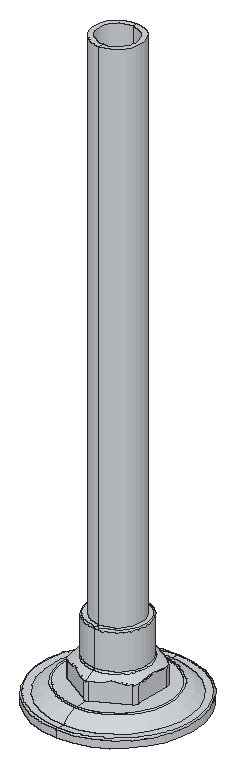
Revit family "Shower-Cealing_mount_Showerarm-KOHLER-K-16347X", category Plumbing Fixtures, host Face, Revit 2017
Family settings
  Host = Face
  Round Connector Dimension = Use Diameter
  Part Type = Normal
  OmniClass Number = 23.31.25.00
  OmniClass Title = Toilet and Bath Specialties
  Cut with Voids When Loaded = No
  Shared = No
  Room Calculation Point = No
Parameters (values of type "CP-Polished Chrome")
  Width = 2.55906"  # constant formula
  WaterSense Certified = 1 = 0  # no
  Waste Water Outlet = "Waste Water Outlet"  # constant formula
  Waste Connection = 1 = 0  # no
  Vent Connection = 1 = 0  # no
  URL = "https://www.kohler.co.th/"
  Type = 1
  Tempered Water Inlet = "Tempered Water Inlet"  # constant formula
  Product Page URL = "https://www.kohler.co.th/en/productDetails/16347X?skuid=16347X-CP"
  Product Name = "Mastershower"  # constant formula
  Product Documentation Link = "http://resources.kohler.com/plumbing/kohlerapac/pdf/1069822-X2-B.pdf"
  Pressure = 0.00 psi
  Model = "K-16347X-CP "  # constant formula
  Material = "Premium Metal Construction"  # constant formula
  Master Format 2014 Name = "Bath Accessories"  # constant formula
  Master Format 2014 = "10 28 16"  # constant formula
  Manufacturer Address = "16th Floor, Jasmine City Building 2, Soi Sukhumvit 23, Sukhumvit Road, Khlong Toei Nuea, Watthana, Bangkok 10110"  # constant formula
  Manufacturer = "KOHLER Co."  # constant formula
  Length = 2.55906"  # constant formula
  Hot Water Inlet = "Hot Water Inlet"  # constant formula
  Height = 10"  # constant formula
  HW Connection = 1 = 1  # yes
  Flow Rate = 0 GPM
  Finish = Kohler-Metal-CP-Polished_Chrome
  Environmental Product Declaration = ""
  Drain Included = 1 = 0  # no
  Description = "Ceiling Mount Shower Arm"  # constant formula
  Default Elevation = 0"
  Declare Label = ""
  Date Modified = "07/29/2020"  # constant formula
  Date Created = "07/29/2020"  # constant formula
  Copyright = "Copyright KOHLER Co."  # constant formula
  Contact Us = "https://www.kohler.co.th/contact-us"
  Cold Water Inlet = "Cold Water Inlet"  # constant formula
  CW Connection = 1 = 0  # no
  Assembly Code = "D2010700"
  ADA Compliant = 1 = 0  # no
Reference planes (in)
  plane 1 "Center (Front/Back)": y = 0
  plane 2: z = 0
  plane 3 "Center (Left/Right)": x = 0
  plane 4: y = 1.27953
  plane 5: x = 0.39373
  plane 6: x = -0.39373
  plane 7: x = -1.27953
  plane 8: y = -0.39373
  plane 9: y = 0.39373
  plane 10: x = 1.27953
  plane 11: y = -1.27953
  plane 12: z = 10
  plane 13: z = 0.29528
  plane 14: z = 1.3189
Dimensions and locks (in)
  plane 9 to plane 8 = 0.78746"
  "Width": plane 7 to plane 10
  "Height": plane 12 to plane 2
  "Length": plane 4 to plane 11
  aligned and locked: plane 2 to host face
  aligned and locked: level to host face
Automatic sketch dimensions
  host sketch curve to host sketch curve = 96"  (x2)
Nested families (in)
  nested 1: "K-16347X" at (0, 0, 0), type "K-16347X"
Connectors (in)
  piping at (0, 0, 0), diameter 0.5, driven by "HW Connection", driven by "HW Connection", driven by "Tempered Water Inlet"
    settings: on nested 1, index 1, connector inside diameter 24", connector length 0", flow factor 0, pipe flow 0 GPM, pressure drop 0.00 psi, fitting loss kfactor 0, connector angle 0.00°, fixture units 0, engagement length 0", angle of deflection 0.00°, flow configuration 0, flow direction 1, fitting loss method 0, system type 19, joint type 0, gender type 0, connector reference index -1, connector utility 1, adjustable connector yes, is connector primary yes, connector description "Tempered Water Inlet"
Definition of nested family "K-16347X"
  Parameters (values of type "K-16347X")
    Material = none
  Reference planes (in)
    plane 1 "Center (Front/Back)": y = 0
    plane 2: z = 0
    plane 3 "Center (Left/Right)": x = 0
    plane 4: z = 10
    plane 5: y = 0.39373
    plane 6: y = -0.39373
    plane 7: x = 0.39373
    plane 8: x = -0.39373
    plane 9: x = -1.27953
    plane 10: x = 1.27953
    plane 11: y = 1.27953
    plane 12: y = -1.27953
  Forms (in)
    Revolve 1, solid, material <- "Material", detail levels medium+fine
      sketch origin (0, 0, 0) x (0, 1, 0) y (0, 0, 1)
        loop
          line (0, 0.29528) -> (0, 0) -> (1.27953, 0) -> (1.27953, 0.11598)
          arc (1.27953, 0.11598) -> (1.27314, 0.1314) -> (1.25771, 0.1378) r 0.02182
          line (1.25771, 0.1378) -> (1.14166, 0.1378)
          arc (1.14166, 0.1378) -> (1.02834, 0.22439) -> (0.90131, 0.28923) r 0.79103
          arc (0.90131, 0.28923) -> (0.88595, 0.29375) -> (0.87001, 0.29528) r 0.08405
          line (0.87001, 0.29528) -> (0, 0.29528)
        axis (0, 0) -> (0, 0.29528)
      angle from 0 to 360
    Extrusion 2, void
      sketch origin (0, 0, 0) x (1, 0, 0) y (0, 1, 0)
        loop
          circle (0, 0) r 0.75964
        loop
          line (-0.04896, 0.65541) -> (-0.54672, 0.36803)
          arc (-0.54672, 0.36803) -> (-0.57993, 0.33482) -> (-0.59209, 0.28946) r 0.09074
          line (-0.59209, 0.28946) -> (-0.59209, -0.28956)
          arc (-0.59209, -0.28956) -> (-0.57996, -0.33484) -> (-0.54681, -0.36798) r 0.09055
          line (-0.54681, -0.36798) -> (-0.04528, -0.65754)
          arc (-0.04528, -0.65754) -> (0, -0.66968) -> (0.04528, -0.65754) r 0.09055
          line (0.04528, -0.65754) -> (0.54681, -0.36798)
          arc (0.54681, -0.36798) -> (0.57996, -0.33484) -> (0.59209, -0.28956) r 0.09055
          line (0.59209, -0.28956) -> (0.59209, 0.28956)
          arc (0.59209, 0.28956) -> (0.57996, 0.33484) -> (0.54681, 0.36798) r 0.09055
          line (0.54681, 0.36798) -> (0.04896, 0.65541)
          arc (0.04896, 0.65541) -> (0, 0.66853) -> (-0.04896, 0.65541) r 0.09793
      from 0.24007 to 1.3189
    Revolve 3, solid, material <- "Material", detail levels medium+fine
      sketch origin (0, 0, 0) x (0, 1, 0) y (0, 0, 1)
        loop
          line (0.69297, 0.24001) -> (0.69297, 0.56413) -> (0.50769, 0.67991)
          arc (0.50769, 0.67991) -> (0.49627, 0.69194) -> (0.49211, 0.70801) r 0.03314
          line (0.49211, 0.70801) -> (0.49211, 1.29866)
          arc (0.49211, 1.29866) -> (0.48618, 1.31297) -> (0.47187, 1.3189) r 0.02024
          line (0.47187, 1.3189) -> (0.39373, 1.3189) -> (0.39373, 10) -> (0.31496, 10) -> (0.31496, 1.3189) -> (0, 1.3189) -> (0, 0.24001) -> (0.69297, 0.24001)
        axis (0, 0.24001) -> (0, 10)
      angle from 0 to 360
    Revolve 4, solid, material <- "Material", detail levels coarse
      sketch origin (0, 0, 0) x (0, 1, 0) y (0, 0, 1)
        loop
          line (0, 1.3189) -> (0, 0) -> (1.27953, 0) -> (1.27953, 0.1378) -> (1.1432, 0.1378) -> (0.86662, 0.29528) -> (0.66853, 0.29528) -> (0.66853, 0.67948) -> (0.49212, 0.67948) -> (0.49212, 1.3189) -> (0.39373, 1.3189) -> (0.39373, 10) -> (0.31496, 10) -> (0.31496, 1.3189) -> (0, 1.3189)
        axis (0, 10) -> (0, 0)
      angle from 0 to 360
    Extrusion 5, solid, detail levels medium+fine
      sketch origin (0, 0, 0) x (1, 0, 0) y (0, 1, 0)
        loop
          circle (0, 0) r 0.06127
      from 0 to 0.1378
  Cuts and joins
    Extrusion 2 cuts Revolve 3
    joined: Revolve 1, Revolve 3
  Lines and regions (in)
    Masking region 1
      outline origin (0, 0, 0) x (0, 1, 0) y (0, 0, 1)
        loop
          line (1.27953, 0) -> (1.27953, 0.11607)
          arc (1.27953, 0.11607) -> (1.27316, 0.13143) -> (1.2578, 0.1378) r 0.02172
          line (1.2578, 0.1378) -> (1.1432, 0.1378)
          arc (1.1432, 0.1378) -> (1.02989, 0.22468) -> (0.90223, 0.28862) r 0.75352
          arc (0.90223, 0.28862) -> (0.88473, 0.2936) -> (0.86662, 0.29528) r 0.0986
          line (0.86662, 0.29528) -> (0.66853, 0.29528) -> (0.66853, 0.57941) -> (0.5084, 0.67948)
          arc (0.5084, 0.67948) -> (0.49646, 0.69206) -> (0.49212, 0.70885) r 0.03463
          line (0.49212, 0.70885) -> (0.49212, 1.29748)
          arc (0.49212, 1.29748) -> (0.48584, 1.31262) -> (0.4707, 1.3189) r 0.02142
          line (0.4707, 1.3189) -> (0.39373, 1.3189) -> (0.39373, 10) -> (-0.39373, 10) -> (-0.39373, 1.3189) -> (-0.4707, 1.3189)
          arc (-0.4707, 1.3189) -> (-0.48584, 1.31262) -> (-0.49212, 1.29748) r 0.02142
          line (-0.49212, 1.29748) -> (-0.49212, 0.70885)
          arc (-0.49212, 0.70885) -> (-0.49646, 0.69206) -> (-0.5084, 0.67948) r 0.03463
          line (-0.5084, 0.67948) -> (-0.66853, 0.57941) -> (-0.66853, 0.29528) -> (-0.86662, 0.29528)
          arc (-0.86662, 0.29528) -> (-0.88473, 0.2936) -> (-0.90223, 0.28862) r 0.0986
          arc (-0.90223, 0.28862) -> (-1.02989, 0.22468) -> (-1.1432, 0.1378) r 0.75352
          line (-1.1432, 0.1378) -> (-1.2578, 0.1378)
          arc (-1.2578, 0.1378) -> (-1.27316, 0.13143) -> (-1.27953, 0.11607) r 0.02172
          line (-1.27953, 0.11607) -> (-1.27953, 0) -> (1.27953, 0)
    Masking region 2
      outline origin (0, 0, 0) x (1, 0, 0) y (0, 0, 1)
        loop
          line (-1.27953, 0) -> (1.27953, 0) -> (1.27953, 0.11791)
          arc (1.27953, 0.11791) -> (1.2737, 0.13197) -> (1.25964, 0.1378) r 0.01988
          line (1.25964, 0.1378) -> (1.14359, 0.1378)
          arc (1.14359, 0.1378) -> (1.02994, 0.2247) -> (0.90189, 0.28852) r 0.75217
          arc (0.90189, 0.28852) -> (0.88401, 0.29357) -> (0.86551, 0.29528) r 0.10138
          line (0.86551, 0.29528) -> (0.59209, 0.29528) -> (0.59209, 0.62717) -> (0.50867, 0.67929)
          arc (0.50867, 0.67929) -> (0.49653, 0.69209) -> (0.49212, 0.70916) r 0.03522
          line (0.49212, 0.70916) -> (0.49212, 1.29794)
          arc (0.49212, 1.29794) -> (0.48598, 1.31276) -> (0.47116, 1.3189) r 0.02096
          line (0.47116, 1.3189) -> (0.3937, 1.3189) -> (0.3937, 10) -> (-0.3937, 10) -> (-0.3937, 1.3189) -> (-0.47116, 1.3189)
          arc (-0.47116, 1.3189) -> (-0.48598, 1.31276) -> (-0.49212, 1.29794) r 0.02096
          line (-0.49212, 1.29794) -> (-0.49212, 0.70916)
          arc (-0.49212, 0.70916) -> (-0.49653, 0.69209) -> (-0.50867, 0.67929) r 0.03522
          line (-0.50867, 0.67929) -> (-0.59209, 0.62717) -> (-0.59209, 0.29528) -> (-0.86551, 0.29528)
          arc (-0.86551, 0.29528) -> (-0.88401, 0.29357) -> (-0.90189, 0.28852) r 0.10138
          arc (-0.90189, 0.28852) -> (-1.02994, 0.2247) -> (-1.14359, 0.1378) r 0.75217
          line (-1.14359, 0.1378) -> (-1.25964, 0.1378)
          arc (-1.25964, 0.1378) -> (-1.2737, 0.13197) -> (-1.27953, 0.11791) r 0.01988
          line (-1.27953, 0.11791) -> (-1.27953, 0)
    Masking region 3
      outline origin (0, 0, 0) x (1, 0, 0) y (0, 1, 0)
        loop
          circle (0, 0) r 1.27953
    symbolic lines, detail levels medium+fine
      curve 1: line (0, 1.1432, 0.1378) -> (0, -1.14166, 0.1378)
      curve 2: line (0, 0.66853, 0.29528) -> (0, -0.66853, 0.29528)
      curve 3: arc (0, -0.28572, 0.58642) -> (0, 0.0019, 0.62717) -> (0, 0.28937, 0.58535) r 1.02207
      curve 4: spline (0, 0.36841, 0.58554) -> (0, 0.39293, 0.59868) -> (0, 0.41775, 0.60936) -> (0, 0.4428, 0.61756) -> (0, 0.46802, 0.62325) -> (0, 0.49336, 0.62644) -> (0, 0.51874, 0.6271) -> (0, 0.54411, 0.62523) -> (0, 0.5694, 0.62085) -> (0, 0.59455, 0.61396) -> (0, 0.61949, 0.60458) -> (0, 0.64418, 0.59272) -> (0, 0.66853, 0.57843)
      curve 5: spline (0, -0.66853, 0.57853) -> (0, -0.64417, 0.5928) -> (0, -0.61948, 0.60464) -> (0, -0.59453, 0.614) -> (0, -0.56937, 0.62088) -> (0, -0.54408, 0.62525) -> (0, -0.51871, 0.6271) -> (0, -0.49332, 0.62643) -> (0, -0.46798, 0.62324) -> (0, -0.44275, 0.61753) -> (0, -0.4177, 0.60933) -> (0, -0.39288, 0.59865) -> (0, -0.36835, 0.58551)
      curve 6: spline (0, 0.28937, 0.58535) -> (0, 0.2972, 0.58332) -> (0, 0.30504, 0.58163) -> (0, 0.31283, 0.5803) -> (0, 0.32049, 0.57935) -> (0, 0.32793, 0.57878) -> (0, 0.33509, 0.5786) -> (0, 0.3419, 0.57882) -> (0, 0.34828, 0.57942) -> (0, 0.35418, 0.5804) -> (0, 0.35953, 0.58176) -> (0, 0.36429, 0.58348) -> (0, 0.36841, 0.58554)
      curve 7: spline (0, -0.36835, 0.58551) -> (0, -0.36406, 0.58338) -> (0, -0.35908, 0.58162) -> (0, -0.35346, 0.58025) -> (0, -0.34727, 0.57928) -> (0, -0.34055, 0.57873) -> (0, -0.3334, 0.5786) -> (0, -0.32588, 0.57889) -> (0, -0.31808, 0.5796) -> (0, -0.31007, 0.58072) -> (0, -0.30196, 0.58225) -> (0, -0.29381, 0.58415) -> (0, -0.28572, 0.58642)
      curve 8: line (0, 0.5084, 0.67948) -> (0, -0.5084, 0.67948)
      curve 9: line (0, 0.36841, 0.58554) -> (0, 0.36841, 0.29528)
      curve 10: line (0, 0.28937, 0.58535) -> (0, 0.28937, 0.29528)
      curve 11: line (0, -0.28572, 0.58642) -> (0, -0.28572, 0.29528)
      curve 12: line (0, -0.36835, 0.58551) -> (0, -0.36835, 0.29528)
      curve 13: line (0, 0.39373, 1.3189) -> (0, -0.39373, 1.3189)
      curve 14: line (0, -0.39373, 10) -> (0, 0.39373, 9.95873)
      curve 15: line (0, -0.39373, 9.94716) -> (0, 0.39373, 9.90589)
      curve 16: line (0, -0.39373, 9.89431) -> (0, 0.39373, 9.85304)
      curve 17: line (0, -0.39373, 9.84147) -> (0, 0.39373, 9.8002)
      curve 18: line (0, -0.39373, 9.78862) -> (0, 0.39373, 9.74736)
      curve 19: line (-1.14359, 0, 0.1378) -> (1.14166, 0, 0.1378)
      curve 20: line (-0.59209, 0, 0.29528) -> (0.59209, 0, 0.29528)
      curve 21: spline (-0.04542, 0, 0.58534) -> (-0.0863, 0, 0.59806) -> (-0.12766, 0, 0.60851) -> (-0.16941, 0, 0.61666) -> (-0.21145, 0, 0.62249) -> (-0.25369, 0, 0.626) -> (-0.29601, 0, 0.62717) -> (-0.33834, 0, 0.626) -> (-0.38058, 0, 0.6225) -> (-0.42262, 0, 0.61667) -> (-0.46436, 0, 0.60852) -> (-0.50573, 0, 0.59808) -> (-0.54661, 0, 0.58536)
      curve 22: spline (0.54661, 0, 0.58536) -> (0.50573, 0, 0.59808) -> (0.46437, 0, 0.60852) -> (0.42263, 0, 0.61666) -> (0.3806, 0, 0.6225) -> (0.33837, 0, 0.626) -> (0.29605, 0, 0.62717) -> (0.25372, 0, 0.626) -> (0.2115, 0, 0.6225) -> (0.16946, 0, 0.61666) -> (0.12772, 0, 0.60852) -> (0.08636, 0, 0.59808) -> (0.04548, 0, 0.58536)
      curve 23: spline (0.04548, 0, 0.58536) -> (0.04159, 0, 0.58417) -> (0.03757, 0, 0.58309) -> (0.03344, 0, 0.58212) -> (0.02919, 0, 0.58127) -> (0.02486, 0, 0.58053) -> (0.02044, 0, 0.57992) -> (0.01596, 0, 0.57943) -> (0.01143, 0, 0.57906) -> (0.00686, 0, 0.57881) -> (0.00227, 0, 0.5787) -> (-0.00233, 0, 0.57871) -> (-0.00692, 0, 0.57884)
      curve 24: spline (-0.00692, 0, 0.57885) -> (-0.01033, 0, 0.57903) -> (-0.01373, 0, 0.57928) -> (-0.01711, 0, 0.57959) -> (-0.02045, 0, 0.57998) -> (-0.02376, 0, 0.58043) -> (-0.02703, 0, 0.58094) -> (-0.03024, 0, 0.58152) -> (-0.03341, 0, 0.58216) -> (-0.03651, 0, 0.58287) -> (-0.03955, 0, 0.58363) -> (-0.04252, 0, 0.58446) -> (-0.04542, 0, 0.58534)
      curve 25: spline (-0.54661, 0, 0.58536) -> (-0.55319, 0, 0.58334) -> (-0.55942, 0, 0.58166) -> (-0.56526, 0, 0.58033) -> (-0.57064, 0, 0.57937) -> (-0.57551, 0, 0.57879) -> (-0.57982, 0, 0.57859) -> (-0.58353, 0, 0.57878) -> (-0.58661, 0, 0.57935) -> (-0.58903, 0, 0.5803) -> (-0.59075, 0, 0.58162) -> (-0.59177, 0, 0.58329) -> (-0.59208, 0, 0.5853)
      curve 26: spline (0.59208, 0, 0.5853) -> (0.59177, 0, 0.58329) -> (0.59075, 0, 0.58162) -> (0.58903, 0, 0.5803) -> (0.58661, 0, 0.57935) -> (0.58353, 0, 0.57878) -> (0.57982, 0, 0.57859) -> (0.57551, 0, 0.57879) -> (0.57064, 0, 0.57937) -> (0.56526, 0, 0.58033) -> (0.55942, 0, 0.58166) -> (0.55319, 0, 0.58334) -> (0.54661, 0, 0.58536)
      curve 27: line (-0.3937, 0, 1.3189) -> (0.39373, 0, 1.3189)
      curve 28: line (-0.50838, 0, 0.67948) -> (0.50838, 0, 0.67948)
      curve 29: line (-0.04542, 0, 0.58534) -> (-0.04542, 0, 0.29528)
      curve 30: line (0.04548, 0, 0.58536) -> (0.04548, 0, 0.29528)
      curve 31: line (-0.3937, 0, 9.95873) -> (0.3937, 0, 10)
      curve 32: line (-0.3937, 0, 9.90589) -> (0.3937, 0, 9.95883)
      curve 33: line (-0.3937, 0, 9.85294) -> (0.3937, 0, 9.91758)
      curve 34: line (-0.3937, 0, 9.7546) -> (0.3937, 0, 9.83097)
      curve 35: line (-0.3937, 0, 9.80219) -> (0.3937, 0, 9.87856)
      curve 36: circle (0, 0, 0) r 1.14166 normal (0, 0, 1)
      curve 37: line (0.54681, -0.36798, 0) -> (0.04528, -0.65754, 0)
      curve 38: arc (0.59209, -0.28956, 0) -> (0.57996, -0.33484, 0) -> (0.54681, -0.36798, 0) r 0.09055
      curve 39: line (0.59209, 0.28956, 0) -> (0.59209, -0.28956, 0)
      curve 40: arc (0.54681, 0.36798, 0) -> (0.57996, 0.33484, 0) -> (0.59209, 0.28956, 0) r 0.09055
      curve 41: line (0.04896, 0.65541, 0) -> (0.54681, 0.36798, 0)
      curve 42: arc (-0.04896, 0.65541, 0) -> (0, 0.66853, 0) -> (0.04896, 0.65541, 0) r 0.09793
      curve 43: line (-0.54672, 0.36803, 0) -> (-0.04896, 0.65541, 0)
      curve 44: arc (-0.59209, 0.28946, 0) -> (-0.57993, 0.33482, 0) -> (-0.54672, 0.36803, 0) r 0.09074
      curve 45: line (-0.59209, -0.28956, 0) -> (-0.59209, 0.28946, 0)
      curve 46: line (-0.04528, -0.65754, 0) -> (-0.54681, -0.36798, 0)
      curve 47: arc (-0.54681, -0.36798, 0) -> (-0.57996, -0.33484, 0) -> (-0.59209, -0.28956, 0) r 0.09055
      curve 48: arc (0.04528, -0.65754, 0) -> (0, -0.66968, 0) -> (-0.04528, -0.65754, 0) r 0.09055
      curve 49: arc (0, 0.39373, 0) -> (-0.39373, 0, 0) -> (0, -0.39373, 0) r 0.39373
      curve 50: arc (0, -0.39373, 0) -> (0.39373, 0, 0) -> (0, 0.39373, 0) r 0.39373
      curve 51: arc (0, -0.31496, 0) -> (0.31496, 0, 0) -> (0, 0.31496, 0) r 0.31496
      curve 52: arc (0, 0.31496, 0) -> (-0.31496, 0, 0) -> (0, -0.31496, 0) r 0.31496
      curve 53: circle (0, 0, 0) r 0.49212 normal (0, 0, 1)
  Dimensions and locks (in)
    plane 4 to level = 10"
    locked: plane 9 to plane 10 at 2.55906
    aligned and locked: plane 2 to level
